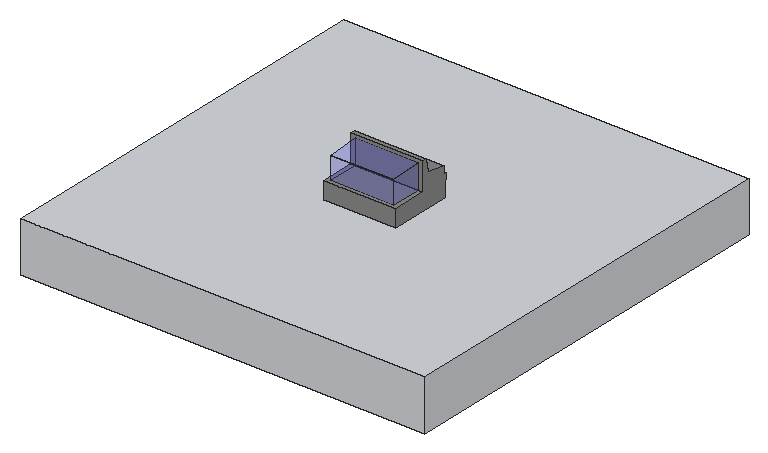
Revit family "M_Luminária de muro - Exterior", category Luminárias, Revit 2019
Family settings
  Hospedeiro = Face
  Cota do conector redondo = Utilizar diâmetro
  Tipo de parte = Normal
  Número OmniClass = 23.80.70.14.11.17
  Título OmniClass = Wall or Ceiling Mounted External Lighting
  ID de item do Seek = Wall Pack Light - Exterior-0000-CAN-ENU
  Corte com vazios quando carregada = Não
  Fonte luminosa = Sim
  Compartilhado = Não
  Ponto de cálculo do ambiente = Não
Parameters (values of type "120V")
  Wattage = 70 W
  Material montado na parede = Metal - Acabamento pintado - Cinza escuro, fosco
  built-in parameter 1150110 = 1 (stored number, unit not read)
  built-in parameter 1150109 = 1 (stored number, unit not read)
  built-in parameter 1150134 = 12
  built-in parameter 1150113 = 1 (stored number, unit not read)
  Tilt Angle = -90.00°
  Material de sombra = Vidro
  Arquivo de rede fotométrica = "WPE1MH.IES"
  Lumens = 5499.9 lm
  built-in parameter 1114217 = 1 (stored number, unit not read)
  built-in parameter 1150115 = 1 (stored number, unit not read)
  built-in parameter 1150105 = 437.67 (stored number, unit not read)
  Classificação de carga = Iluminação - Externa
  built-in parameter 1150137 = 1
  built-in parameter 1150139 = (empty or 0)
  built-in parameter 1150112 = 1 (stored number, unit not read)
  built-in parameter 1150114 = 1 (stored number, unit not read)
  built-in parameter 1150132 = (empty or 0)
  built-in parameter 1150102 = (empty or 0)
  built-in parameter 1150138 = (empty or 0)
  built-in parameter 1150107 = 4000 (stored number, unit not read)
  built-in parameter 1150106 = 4.3767 (stored number, unit not read)
  built-in parameter 1150104 = 7.2994 (stored number, unit not read)
  Dimming Lamp Color Temperature Shift = (empty or 0)
  Color Filter = 16777215
  Voltagem do transformador = 120 V
  Transformador por número de postes = 1
  Elevação-padrão = 2700 mm
  built-in parameter 1140040 [instance] = 1
  built-in parameter 1114218 = 1 (stored number, unit not read)
  built-in parameter 1150133 = 10 (stored number, unit not read)
  Apparent Load = 70 VA
Types (3, lengths in mm): name | Voltagem do transformador
  (no name) | 120 V
  120V | 120 V
  277V | 277 V
Reference planes
  plane 1 "Centro (Frente/Trás)": y = 0
  plane 2: z = 0
  plane 3 "Centro (Esquerda/Direita)": x = 0
  plane 4: y = 184.15
  plane 5: y = -184.15
  plane 6: z = 88.9
  plane 7: y = 196.85
  plane 8: z = 127
  plane 9: y = 177.8
  plane 10: z = 174.625
  plane 11: y = 58.737
  plane 12: z = 195.263
  plane 13: z = 270.669
  plane 14: y = 45.244
  plane 15: z = 101.6
  plane 16: x = -215.9
  plane 17: x = 215.9
  plane 18: y = -164.306
  plane 19: y = 19.844
  plane 20: z = 254
  plane 21: z = 238.82
  plane 22: x = -190.5
  plane 23: x = 190.5
Forms (mm)
  Extrusion 1, solid
    sketch origin (0, 0, 0) x (1, 0, 0) y (0, 1, 0)
      loop
        line (-1219.2, 1219.2) -> (-1219.2, -1219.2) -> (1219.2, -1219.2) -> (1219.2, 1219.2) -> (-1219.2, 1219.2)
    from 0 to -304.8
  Extrusion 2, solid, material "Metal - Acabamento pintado - Cinza escuro, fosco" <- "Material montado na parede"
    sketch origin (0, 0, 0) x (0, 1, 0) y (0, 0, 1)
      loop
        line (184.15, 88.9) -> (196.85, 88.9) -> (196.85, 127) -> (177.8, 127) -> (177.8, 174.625) -> (58.737, 195.263) -> (45.244, 270.669) -> (19.844, 270.669) -> (19.844, 101.6) -> (-184.15, 101.6) -> (-184.15, 0) -> (184.15, 0) -> (184.15, 88.9)
    from -215.9 to 215.9
  Extrusion 3, solid, material "Vidro" <- "Material de sombra"
    sketch origin (0, 0, 0) x (0, 1, 0) y (0, 0, 1)
      loop
        line (19.844, 254) -> (-164.306, 238.82) -> (-164.306, 101.6) -> (19.844, 101.6) -> (19.844, 254)
    from -190.5 to 190.5
  Extrusion 4, solid, material "Metal - Acabamento pintado - Cinza escuro, fosco" <- "Material montado na parede"
    sketch origin (0, 0, 0) x (1, 0, 0) y (0, 1, 0)
      loop
        circle (0, 0) r 25.4
    from 0 to 88.9
Cuts and joins
  joined: Extrusion 2, Extrusion 4
Lines and regions (mm)
  symbolic lines
    curve 1: line (-215.9, 0, 270.669) -> (215.9, 0, 270.669)
    curve 2: line (-215.9, 0, 88.9) -> (-215.9, 0, 270.669)
    curve 3: line (215.9, 0, 88.9) -> (-215.9, 0, 88.9)
    curve 4: line (215.9, 0, 270.669) -> (215.9, 0, 88.9)
    curve 6: line (-215.9, 0, 0) -> (215.9, 0, 0)
    curve 9: line (-215.9, 0, 0) -> (215.9, 0, 0)
  symbolic lines, detail levels coarse+medium
    curve 5: line (0, 0, 88.9) -> (0, 0, 0)
  symbolic lines, detail levels fine
    curve 7: line (215.9, 0, 270.669) -> (-215.9, 0, 270.669)
    curve 8: line (215.9, 0, 0) -> (215.9, 0, 270.669)
    curve 10: line (-215.9, 0, 270.669) -> (-215.9, 0, 0)
Dimensions and locks
  locked: plane 4 to plane 1 "Centro (Frente/Trás)" at 184.15
  locked: plane 1 "Centro (Frente/Trás)" to plane 5 at 184.15
  locked: plane 6 to plane 2 at 88.9
  locked: plane 7 to plane 4 at 12.7
  locked: plane 8 to plane 6 at 38.1
  locked: plane 7 to plane 9 at 19.05
  locked: plane 10 to plane 2 at 174.625
  locked: plane 9 to plane 11 at 119.063
  locked: plane 12 to plane 2 at 195.263
  locked: plane 13 to plane 2 at 270.669
  locked: plane 15 to plane 2 at 101.6
  locked: plane 16 to plane 17 at 431.8
  equal spacing: plane 16, plane 3 "Centro (Esquerda/Direita)", plane 17
  locked: plane 9 to plane 14 at 132.556
  locked: plane 14 to plane 19 at 25.4
  locked: plane 19 to plane 18 at 184.15
  locked: plane 20 to plane 15 at 152.4
  locked: plane 21 to plane 15 at 137.22
  locked: plane 16 to plane 22 at 25.4
  locked: plane 23 to plane 17 at 25.4
  aligned and locked: plane 2 to Extrusion 1
  aligned and locked: level to Extrusion 1
  aligned and locked: Extrusion 2 to plane 16
  aligned and locked: plane 17 to Extrusion 2
  aligned and locked: Extrusion 2 sketch curve to plane 19
  aligned and locked: plane 20 to Extrusion 3 sketch curve
  aligned and locked: Extrusion 3 sketch curve to plane 19
  aligned and locked: plane 15 to Extrusion 3 sketch curve
  aligned and locked: plane 18 to Extrusion 3 sketch curve  (x2)
  aligned and locked: plane 19 to Extrusion 3 sketch curve
  aligned and locked: Extrusion 3 sketch curve to plane 15
  aligned and locked: plane 21 to Extrusion 3 sketch curve
  aligned and locked: Extrusion 3 to plane 22
  aligned and locked: plane 23 to Extrusion 3
  aligned and locked: plane 1 "Centro (Frente/Trás)" to Extrusion 4 sketch curve
  aligned and locked: plane 3 "Centro (Esquerda/Direita)" to Extrusion 4 sketch curve
  aligned and locked: Extrusion 4 to plane 2
  aligned and locked: plane 6 to Extrusion 4
  aligned and locked: plane 16 to curve 1
  aligned and locked: curve 1 to plane 13
  aligned and locked: cut or joined group of Extrusion 2, Extrusion 4 to curve 4
  aligned and locked: curve 4 to plane 17
  aligned and locked: plane 6 to curve 5
  aligned and locked: plane 2 to curve 5
  aligned and locked: curve 5 to plane 3 "Centro (Esquerda/Direita)"
  aligned and locked: plane 17 to curve 6
  aligned and locked: plane 16 to curve 6
  aligned and locked: curve 6 to plane 2
  aligned and locked: plane 3 "Centro (Esquerda/Direita)" to imposter light
  aligned and locked: plane 1 "Centro (Frente/Trás)" to imposter light
  aligned and locked: plane 15 to imposter light
Automatic sketch dimensions
  Extrusion 1 sketch curve to Extrusion 1 sketch curve = 2438.4 mm  (x2)
  Extrusion 2 sketch curve to level = 0 mm
  Extrusion 2 sketch curve to plane 5 = 0 mm
  Extrusion 2 sketch curve to plane 13 = 0 mm
  Extrusion 2 sketch curve to plane 14 = 0 mm
  Extrusion 2 sketch curve to plane 11 = 0 mm
  Extrusion 2 sketch curve to plane 8 = 0 mm
  Extrusion 2 sketch curve to plane 9 = 0 mm
  Extrusion 2 sketch curve to plane 4 = 0 mm
  Extrusion 2 sketch curve to plane 6 = 0 mm
  Extrusion 2 sketch curve to plane 7 = 0 mm
  Extrusion 2 sketch curve to plane 15 = 0 mm
  Extrusion 2 sketch curve to plane 10 = 0 mm
  Extrusion 2 sketch curve to plane 12 = 0 mm
  radius of Extrusion 4 sketch curve = 25.4 mm
Connectors
  electrical at (0, 0, 0), driven by "Apparent Load", driven by "Voltagem do transformador", driven by "Transformador por número de postes", driven by "Classificação de carga"
    settings: on Extrusion 4, index 1, voltage 120 V, apparent load 0 VA, apparent load phase1 70 VA, apparent load phase2 0 VA, apparent load phase3 0 VA, power factor 0.95, load classification "Iluminação - Externa", number of poles 1, system type 31, power factor state 1, is connector primary yes, connector utility no, sub classification motor no, connector description ""
